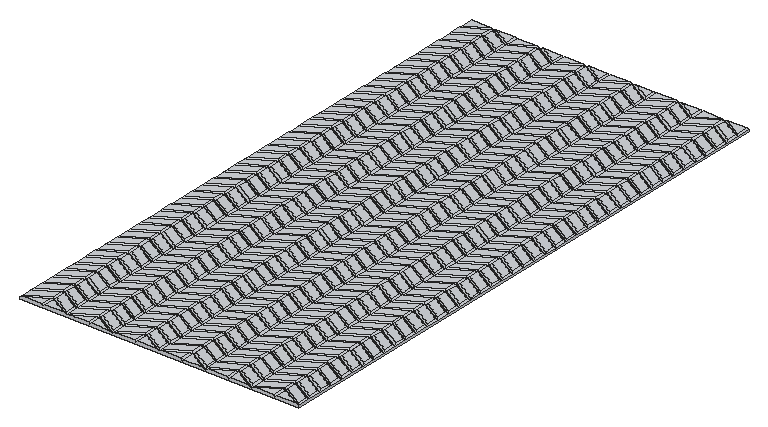
Revit family "J2 PET Felt Engraved Chevron", category Generic Models, host Face, Revit 2022
Family settings
  Host = Face
  Can host rebar = No
  Round Connector Dimension = Use Diameter
  Part Type = Normal
  Cut with Voids When Loaded = No
  Maintain Annotation Orientation = No
  Shared = No
  Room Calculation Point = No
Parameters
  URL = "https://www.j2systems.net/"
  Symbol Name = "FPECHV"  # constant formula
  Style Number = "FPECHV"  # constant formula
  Release Date = "2019"  # constant formula
  Product Line = "Engraved Panels"  # constant formula
  Model = "Chevron"  # constant formula
  Manufacturer = "J2 Systems"  # constant formula
  Felt color = none
  Default Elevation = 0' - 0"
Reference planes (in)
  plane 1 "Center (Front/Back)": y = 0
  plane 2: z = 0
  plane 3 "Center (Left/Right)": x = 0
Forms (in)
  Extrusion 1, solid, material <- "Felt color"
    sketch origin (0, 0, 0) x (1, 0, 0) y (0, 1, 0)
      loop
        line (0, 0) -> (47.0625, 0) -> (47.0625, 95.125) -> (0, 95.125) -> (0, 0)
    from 0 to 0.5
  Sweep 2, void
    path origin (-23.5, 0, 0) x (1, 0, 0) y (0, 1, 0)
      loop
        line (23.5, 0) -> (23.5, 95.125)
    profile origin (0, 47.5625, 0) x (-1, 0, 0) y (0, 0, 1)
      loop
        line (0, 0.25) -> (0, 0.5) -> (-0.25, 0.5) -> (0, 0.25)
  Sweep 3, void
    path origin (23.5625, 0, 0) x (1, 0, 0) y (0, 1, 0)
      loop
        line (23.5, 0) -> (23.5, 95.125)
    profile origin (47.0625, 47.5625, 0) x (-1, 0, 0) y (0, 0, 1)
      loop
        line (0, 0.25) -> (0.25, 0.5) -> (0, 0.5) -> (0, 0.25)
  Sweep 4, void
    path origin (-19.57813, 0, 0) x (1, 0, 0) y (0, 1, 0)
      loop
        line (23.5, 0) -> (23.5, 95.125)
    profile origin (3.92188, 47.5625, 0) x (-1, 0, 0) y (0, 0, 1)
      loop
        line (0, 0.25) -> (0.25, 0.5) -> (-0.25, 0.5) -> (0, 0.25)
  Sweep 5, void
    path origin (-15.65625, 0, 0) x (1, 0, 0) y (0, 1, 0)
      loop
        line (23.5, 0) -> (23.5, 95.125)
    profile origin (7.84375, 47.5625, 0) x (-1, 0, 0) y (0, 0, 1)
      loop
        line (0, 0.25) -> (0.25, 0.5) -> (-0.25, 0.5) -> (0, 0.25)
  Sweep 6, void
    path origin (-11.73438, 0, 0) x (1, 0, 0) y (0, 1, 0)
      loop
        line (23.5, 0) -> (23.5, 95.125)
    profile origin (11.76563, 47.5625, 0) x (-1, 0, 0) y (0, 0, 1)
      loop
        line (0, 0.25) -> (0.25, 0.5) -> (-0.25, 0.5) -> (0, 0.25)
  Sweep 7, void
    path origin (-7.8125, 0, 0) x (1, 0, 0) y (0, 1, 0)
      loop
        line (23.5, 0) -> (23.5, 95.125)
    profile origin (15.6875, 47.5625, 0) x (-1, 0, 0) y (0, 0, 1)
      loop
        line (0, 0.25) -> (0.25, 0.5) -> (-0.25, 0.5) -> (0, 0.25)
  Sweep 8, void
    path origin (-3.89063, 0, 0) x (1, 0, 0) y (0, 1, 0)
      loop
        line (23.5, 0) -> (23.5, 95.125)
    profile origin (19.60938, 47.5625, 0) x (-1, 0, 0) y (0, 0, 1)
      loop
        line (0, 0.25) -> (0.25, 0.5) -> (-0.25, 0.5) -> (0, 0.25)
  Sweep 9, void
    path origin (0.03125, 0, 0) x (1, 0, 0) y (0, 1, 0)
      loop
        line (23.5, 0) -> (23.5, 95.125)
    profile origin (23.53125, 47.5625, 0) x (-1, 0, 0) y (0, 0, 1)
      loop
        line (0, 0.25) -> (0.25, 0.5) -> (-0.25, 0.5) -> (0, 0.25)
  Sweep 10, void
    path origin (3.95312, 0, 0) x (1, 0, 0) y (0, 1, 0)
      loop
        line (23.5, 0) -> (23.5, 95.125)
    profile origin (27.45313, 47.5625, 0) x (-1, 0, 0) y (0, 0, 1)
      loop
        line (0, 0.25) -> (0.25, 0.5) -> (-0.25, 0.5) -> (0, 0.25)
  Sweep 11, void
    path origin (7.875, 0, 0) x (1, 0, 0) y (0, 1, 0)
      loop
        line (23.5, 0) -> (23.5, 95.125)
    profile origin (31.375, 47.5625, 0) x (-1, 0, 0) y (0, 0, 1)
      loop
        line (0, 0.25) -> (0.25, 0.5) -> (-0.25, 0.5) -> (0, 0.25)
  Sweep 12, void
    path origin (11.79687, 0, 0) x (1, 0, 0) y (0, 1, 0)
      loop
        line (23.5, 0) -> (23.5, 95.125)
    profile origin (35.29688, 47.5625, 0) x (-1, 0, 0) y (0, 0, 1)
      loop
        line (0, 0.25) -> (0.25, 0.5) -> (-0.25, 0.5) -> (0, 0.25)
  Sweep 13, void
    path origin (15.71875, 0, 0) x (1, 0, 0) y (0, 1, 0)
      loop
        line (23.5, 0) -> (23.5, 95.125)
    profile origin (39.21875, 47.5625, 0) x (-1, 0, 0) y (0, 0, 1)
      loop
        line (0, 0.25) -> (0.25, 0.5) -> (-0.25, 0.5) -> (0, 0.25)
  Sweep 14, void
    path origin (19.64062, 0, 0) x (1, 0, 0) y (0, 1, 0)
      loop
        line (23.5, 0) -> (23.5, 95.125)
    profile origin (43.14063, 47.5625, 0) x (-1, 0, 0) y (0, 0, 1)
      loop
        line (0, 0.25) -> (0.25, 0.5) -> (-0.25, 0.5) -> (0, 0.25)
  Sweep 15, void
    path origin (-43.64062, 23.5, 0) x (0, -1, 0) y (1, 0, 0)
      loop
        line (23.5, 43.64062) -> (21.23512, 47.5625) -> (23.5, 51.48437) -> (21.23512, 55.40625) -> (23.5, 59.32812) -> (21.23512, 63.25) -> (23.5, 67.17187) -> (21.23512, 71.09375) -> (23.5, 75.01562) -> (21.23512, 78.9375) -> (23.5, 82.85937) -> (21.23512, 86.78125) -> (23.5, 90.70312)
    profile origin (1.96094, 1.13244, 0) x (-0.500097, 0.865969, 0) y (0, 0, 1)
      loop
        line (0, 0.25) -> (0.25, 0.5) -> (-0.25, 0.5) -> (0, 0.25)
  Sweep 16, void
    path origin (-43.64062, 25.76488, 0) x (0, -1, 0) y (1, 0, 0)
      loop
        line (23.5, 43.64062) -> (21.23512, 47.5625) -> (23.5, 51.48437) -> (21.23512, 55.40625) -> (23.5, 59.32812) -> (21.23512, 63.25) -> (23.5, 67.17187) -> (21.23512, 71.09375) -> (23.5, 75.01562) -> (21.23512, 78.9375) -> (23.5, 82.85937) -> (21.23512, 86.78125) -> (23.5, 90.70312)
    profile origin (1.96094, 3.39732, 0) x (-0.500097, 0.865969, 0) y (0, 0, 1)
      loop
        line (0, 0.25) -> (0.25, 0.5) -> (-0.25, 0.5) -> (0, 0.25)
  Sweep 17, void
    path origin (-43.64062, 28.02976, 0) x (0, -1, 0) y (1, 0, 0)
      loop
        line (23.5, 43.64062) -> (21.23512, 47.5625) -> (23.5, 51.48437) -> (21.23512, 55.40625) -> (23.5, 59.32812) -> (21.23512, 63.25) -> (23.5, 67.17187) -> (21.23512, 71.09375) -> (23.5, 75.01562) -> (21.23512, 78.9375) -> (23.5, 82.85937) -> (21.23512, 86.78125) -> (23.5, 90.70312)
    profile origin (1.96094, 5.6622, 0) x (-0.500097, 0.865969, 0) y (0, 0, 1)
      loop
        line (0, 0.25) -> (0.25, 0.5) -> (-0.25, 0.5) -> (0, 0.25)
  Sweep 18, void
    path origin (-43.64062, 30.29464, 0) x (0, -1, 0) y (1, 0, 0)
      loop
        line (23.5, 43.64062) -> (21.23512, 47.5625) -> (23.5, 51.48437) -> (21.23512, 55.40625) -> (23.5, 59.32812) -> (21.23512, 63.25) -> (23.5, 67.17187) -> (21.23512, 71.09375) -> (23.5, 75.01562) -> (21.23512, 78.9375) -> (23.5, 82.85937) -> (21.23512, 86.78125) -> (23.5, 90.70312)
    profile origin (1.96094, 7.92708, 0) x (-0.500097, 0.865969, 0) y (0, 0, 1)
      loop
        line (0, 0.25) -> (0.25, 0.5) -> (-0.25, 0.5) -> (0, 0.25)
  Sweep 19, void
    path origin (-43.64062, 32.55952, 0) x (0, -1, 0) y (1, 0, 0)
      loop
        line (23.5, 43.64062) -> (21.23512, 47.5625) -> (23.5, 51.48437) -> (21.23512, 55.40625) -> (23.5, 59.32812) -> (21.23512, 63.25) -> (23.5, 67.17187) -> (21.23512, 71.09375) -> (23.5, 75.01562) -> (21.23512, 78.9375) -> (23.5, 82.85937) -> (21.23512, 86.78125) -> (23.5, 90.70312)
    profile origin (1.96094, 10.19196, 0) x (-0.500097, 0.865969, 0) y (0, 0, 1)
      loop
        line (0, 0.25) -> (0.25, 0.5) -> (-0.25, 0.5) -> (0, 0.25)
  Sweep 20, void
    path origin (-43.64062, 34.8244, 0) x (0, -1, 0) y (1, 0, 0)
      loop
        line (23.5, 43.64062) -> (21.23512, 47.5625) -> (23.5, 51.48437) -> (21.23512, 55.40625) -> (23.5, 59.32812) -> (21.23512, 63.25) -> (23.5, 67.17187) -> (21.23512, 71.09375) -> (23.5, 75.01562) -> (21.23512, 78.9375) -> (23.5, 82.85937) -> (21.23512, 86.78125) -> (23.5, 90.70312)
    profile origin (1.96094, 12.45685, 0) x (-0.500097, 0.865969, 0) y (0, 0, 1)
      loop
        line (0, 0.25) -> (0.25, 0.5) -> (-0.25, 0.5) -> (0, 0.25)
  Sweep 21, void
    path origin (-43.64062, 37.08929, 0) x (0, -1, 0) y (1, 0, 0)
      loop
        line (23.5, 43.64062) -> (21.23512, 47.5625) -> (23.5, 51.48437) -> (21.23512, 55.40625) -> (23.5, 59.32812) -> (21.23512, 63.25) -> (23.5, 67.17187) -> (21.23512, 71.09375) -> (23.5, 75.01562) -> (21.23512, 78.9375) -> (23.5, 82.85937) -> (21.23512, 86.78125) -> (23.5, 90.70312)
    profile origin (1.96094, 14.72173, 0) x (-0.500097, 0.865969, 0) y (0, 0, 1)
      loop
        line (0, 0.25) -> (0.25, 0.5) -> (-0.25, 0.5) -> (0, 0.25)
  Sweep 22, void
    path origin (-43.64062, 39.35417, 0) x (0, -1, 0) y (1, 0, 0)
      loop
        line (23.5, 43.64062) -> (21.23512, 47.5625) -> (23.5, 51.48437) -> (21.23512, 55.40625) -> (23.5, 59.32812) -> (21.23512, 63.25) -> (23.5, 67.17187) -> (21.23512, 71.09375) -> (23.5, 75.01562) -> (21.23512, 78.9375) -> (23.5, 82.85937) -> (21.23512, 86.78125) -> (23.5, 90.70312)
    profile origin (1.96094, 16.98661, 0) x (-0.500097, 0.865969, 0) y (0, 0, 1)
      loop
        line (0, 0.25) -> (0.25, 0.5) -> (-0.25, 0.5) -> (0, 0.25)
  Sweep 23, void
    path origin (-43.64062, 41.61905, 0) x (0, -1, 0) y (1, 0, 0)
      loop
        line (23.5, 43.64062) -> (21.23512, 47.5625) -> (23.5, 51.48437) -> (21.23512, 55.40625) -> (23.5, 59.32812) -> (21.23512, 63.25) -> (23.5, 67.17187) -> (21.23512, 71.09375) -> (23.5, 75.01562) -> (21.23512, 78.9375) -> (23.5, 82.85937) -> (21.23512, 86.78125) -> (23.5, 90.70312)
    profile origin (1.96094, 19.25149, 0) x (-0.500097, 0.865969, 0) y (0, 0, 1)
      loop
        line (0, 0.25) -> (0.25, 0.5) -> (-0.25, 0.5) -> (0, 0.25)
  Sweep 24, void
    path origin (-43.64062, 43.88393, 0) x (0, -1, 0) y (1, 0, 0)
      loop
        line (23.5, 43.64062) -> (21.23512, 47.5625) -> (23.5, 51.48437) -> (21.23512, 55.40625) -> (23.5, 59.32812) -> (21.23512, 63.25) -> (23.5, 67.17187) -> (21.23512, 71.09375) -> (23.5, 75.01562) -> (21.23512, 78.9375) -> (23.5, 82.85937) -> (21.23512, 86.78125) -> (23.5, 90.70312)
    profile origin (1.96094, 21.51637, 0) x (-0.500097, 0.865969, 0) y (0, 0, 1)
      loop
        line (0, 0.25) -> (0.25, 0.5) -> (-0.25, 0.5) -> (0, 0.25)
  Sweep 25, void
    path origin (-43.64062, 46.14881, 0) x (0, -1, 0) y (1, 0, 0)
      loop
        line (23.5, 43.64062) -> (21.23512, 47.5625) -> (23.5, 51.48437) -> (21.23512, 55.40625) -> (23.5, 59.32812) -> (21.23512, 63.25) -> (23.5, 67.17187) -> (21.23512, 71.09375) -> (23.5, 75.01562) -> (21.23512, 78.9375) -> (23.5, 82.85937) -> (21.23512, 86.78125) -> (23.5, 90.70312)
    profile origin (1.96094, 23.78125, 0) x (-0.500097, 0.865969, 0) y (0, 0, 1)
      loop
        line (0, 0.25) -> (0.25, 0.5) -> (-0.25, 0.5) -> (0, 0.25)
  Sweep 26, void
    path origin (-43.64062, 48.41369, 0) x (0, -1, 0) y (1, 0, 0)
      loop
        line (23.5, 43.64062) -> (21.23512, 47.5625) -> (23.5, 51.48437) -> (21.23512, 55.40625) -> (23.5, 59.32812) -> (21.23512, 63.25) -> (23.5, 67.17187) -> (21.23512, 71.09375) -> (23.5, 75.01562) -> (21.23512, 78.9375) -> (23.5, 82.85937) -> (21.23512, 86.78125) -> (23.5, 90.70312)
    profile origin (1.96094, 26.04613, 0) x (-0.500097, 0.865969, 0) y (0, 0, 1)
      loop
        line (0, 0.25) -> (0.25, 0.5) -> (-0.25, 0.5) -> (0, 0.25)
  Sweep 27, void
    path origin (-43.64062, 50.67857, 0) x (0, -1, 0) y (1, 0, 0)
      loop
        line (23.5, 43.64062) -> (21.23512, 47.5625) -> (23.5, 51.48437) -> (21.23512, 55.40625) -> (23.5, 59.32812) -> (21.23512, 63.25) -> (23.5, 67.17187) -> (21.23512, 71.09375) -> (23.5, 75.01562) -> (21.23512, 78.9375) -> (23.5, 82.85937) -> (21.23512, 86.78125) -> (23.5, 90.70312)
    profile origin (1.96094, 28.31101, 0) x (-0.500097, 0.865969, 0) y (0, 0, 1)
      loop
        line (0, 0.25) -> (0.25, 0.5) -> (-0.25, 0.5) -> (0, 0.25)
  Sweep 28, void
    path origin (-43.64062, 52.94345, 0) x (0, -1, 0) y (1, 0, 0)
      loop
        line (23.5, 43.64062) -> (21.23512, 47.5625) -> (23.5, 51.48437) -> (21.23512, 55.40625) -> (23.5, 59.32812) -> (21.23512, 63.25) -> (23.5, 67.17187) -> (21.23512, 71.09375) -> (23.5, 75.01562) -> (21.23512, 78.9375) -> (23.5, 82.85937) -> (21.23512, 86.78125) -> (23.5, 90.70312)
    profile origin (1.96094, 30.57589, 0) x (-0.500097, 0.865969, 0) y (0, 0, 1)
      loop
        line (0, 0.25) -> (0.25, 0.5) -> (-0.25, 0.5) -> (0, 0.25)
  Sweep 29, void
    path origin (-43.64062, 55.20833, 0) x (0, -1, 0) y (1, 0, 0)
      loop
        line (23.5, 43.64062) -> (21.23512, 47.5625) -> (23.5, 51.48437) -> (21.23512, 55.40625) -> (23.5, 59.32812) -> (21.23512, 63.25) -> (23.5, 67.17187) -> (21.23512, 71.09375) -> (23.5, 75.01562) -> (21.23512, 78.9375) -> (23.5, 82.85937) -> (21.23512, 86.78125) -> (23.5, 90.70312)
    profile origin (1.96094, 32.84077, 0) x (-0.500097, 0.865969, 0) y (0, 0, 1)
      loop
        line (0, 0.25) -> (0.25, 0.5) -> (-0.25, 0.5) -> (0, 0.25)
  Sweep 30, void
    path origin (-43.64062, 57.47321, 0) x (0, -1, 0) y (1, 0, 0)
      loop
        line (23.5, 43.64062) -> (21.23512, 47.5625) -> (23.5, 51.48437) -> (21.23512, 55.40625) -> (23.5, 59.32812) -> (21.23512, 63.25) -> (23.5, 67.17187) -> (21.23512, 71.09375) -> (23.5, 75.01562) -> (21.23512, 78.9375) -> (23.5, 82.85937) -> (21.23512, 86.78125) -> (23.5, 90.70312)
    profile origin (1.96094, 35.10565, 0) x (-0.500097, 0.865969, 0) y (0, 0, 1)
      loop
        line (0, 0.25) -> (0.25, 0.5) -> (-0.25, 0.5) -> (0, 0.25)
  Sweep 31, void
    path origin (-43.64062, 59.7381, 0) x (0, -1, 0) y (1, 0, 0)
      loop
        line (23.5, 43.64062) -> (21.23512, 47.5625) -> (23.5, 51.48437) -> (21.23512, 55.40625) -> (23.5, 59.32812) -> (21.23512, 63.25) -> (23.5, 67.17187) -> (21.23512, 71.09375) -> (23.5, 75.01562) -> (21.23512, 78.9375) -> (23.5, 82.85937) -> (21.23512, 86.78125) -> (23.5, 90.70312)
    profile origin (1.96094, 37.37054, 0) x (-0.500097, 0.865969, 0) y (0, 0, 1)
      loop
        line (0, 0.25) -> (0.25, 0.5) -> (-0.25, 0.5) -> (0, 0.25)
  Sweep 32, void
    path origin (-43.64062, 62.00298, 0) x (0, -1, 0) y (1, 0, 0)
      loop
        line (23.5, 43.64062) -> (21.23512, 47.5625) -> (23.5, 51.48437) -> (21.23512, 55.40625) -> (23.5, 59.32812) -> (21.23512, 63.25) -> (23.5, 67.17187) -> (21.23512, 71.09375) -> (23.5, 75.01562) -> (21.23512, 78.9375) -> (23.5, 82.85937) -> (21.23512, 86.78125) -> (23.5, 90.70312)
    profile origin (1.96094, 39.63542, 0) x (-0.500097, 0.865969, 0) y (0, 0, 1)
      loop
        line (0, 0.25) -> (0.25, 0.5) -> (-0.25, 0.5) -> (0, 0.25)
  Sweep 33, void
    path origin (-43.64062, 64.26786, 0) x (0, -1, 0) y (1, 0, 0)
      loop
        line (23.5, 43.64062) -> (21.23512, 47.5625) -> (23.5, 51.48437) -> (21.23512, 55.40625) -> (23.5, 59.32812) -> (21.23512, 63.25) -> (23.5, 67.17187) -> (21.23512, 71.09375) -> (23.5, 75.01562) -> (21.23512, 78.9375) -> (23.5, 82.85937) -> (21.23512, 86.78125) -> (23.5, 90.70312)
    profile origin (1.96094, 41.9003, 0) x (-0.500097, 0.865969, 0) y (0, 0, 1)
      loop
        line (0, 0.25) -> (0.25, 0.5) -> (-0.25, 0.5) -> (0, 0.25)
  Sweep 34, void
    path origin (-43.64062, 66.53274, 0) x (0, -1, 0) y (1, 0, 0)
      loop
        line (23.5, 43.64062) -> (21.23512, 47.5625) -> (23.5, 51.48437) -> (21.23512, 55.40625) -> (23.5, 59.32812) -> (21.23512, 63.25) -> (23.5, 67.17187) -> (21.23512, 71.09375) -> (23.5, 75.01562) -> (21.23512, 78.9375) -> (23.5, 82.85937) -> (21.23512, 86.78125) -> (23.5, 90.70312)
    profile origin (1.96094, 44.16518, 0) x (-0.500097, 0.865969, 0) y (0, 0, 1)
      loop
        line (0, 0.25) -> (0.25, 0.5) -> (-0.25, 0.5) -> (0, 0.25)
  Sweep 35, void
    path origin (-43.64062, 68.79762, 0) x (0, -1, 0) y (1, 0, 0)
      loop
        line (23.5, 43.64062) -> (21.23512, 47.5625) -> (23.5, 51.48437) -> (21.23512, 55.40625) -> (23.5, 59.32812) -> (21.23512, 63.25) -> (23.5, 67.17187) -> (21.23512, 71.09375) -> (23.5, 75.01562) -> (21.23512, 78.9375) -> (23.5, 82.85937) -> (21.23512, 86.78125) -> (23.5, 90.70312)
    profile origin (1.96094, 46.43006, 0) x (-0.500097, 0.865969, 0) y (0, 0, 1)
      loop
        line (0, 0.25) -> (0.25, 0.5) -> (-0.25, 0.5) -> (0, 0.25)
  Sweep 36, void
    path origin (-43.64062, 71.0625, 0) x (0, -1, 0) y (1, 0, 0)
      loop
        line (23.5, 43.64062) -> (21.23512, 47.5625) -> (23.5, 51.48437) -> (21.23512, 55.40625) -> (23.5, 59.32812) -> (21.23512, 63.25) -> (23.5, 67.17187) -> (21.23512, 71.09375) -> (23.5, 75.01562) -> (21.23512, 78.9375) -> (23.5, 82.85937) -> (21.23512, 86.78125) -> (23.5, 90.70312)
    profile origin (1.96094, 48.69494, 0) x (-0.500097, 0.865969, 0) y (0, 0, 1)
      loop
        line (0, 0.25) -> (0.25, 0.5) -> (-0.25, 0.5) -> (0, 0.25)
  Sweep 37, void
    path origin (-43.64062, 73.32738, 0) x (0, -1, 0) y (1, 0, 0)
      loop
        line (23.5, 43.64062) -> (21.23512, 47.5625) -> (23.5, 51.48437) -> (21.23512, 55.40625) -> (23.5, 59.32812) -> (21.23512, 63.25) -> (23.5, 67.17187) -> (21.23512, 71.09375) -> (23.5, 75.01562) -> (21.23512, 78.9375) -> (23.5, 82.85937) -> (21.23512, 86.78125) -> (23.5, 90.70312)
    profile origin (1.96094, 50.95982, 0) x (-0.500097, 0.865969, 0) y (0, 0, 1)
      loop
        line (0, 0.25) -> (0.25, 0.5) -> (-0.25, 0.5) -> (0, 0.25)
  Sweep 38, void
    path origin (-43.64062, 75.59226, 0) x (0, -1, 0) y (1, 0, 0)
      loop
        line (23.5, 43.64062) -> (21.23512, 47.5625) -> (23.5, 51.48437) -> (21.23512, 55.40625) -> (23.5, 59.32812) -> (21.23512, 63.25) -> (23.5, 67.17187) -> (21.23512, 71.09375) -> (23.5, 75.01562) -> (21.23512, 78.9375) -> (23.5, 82.85937) -> (21.23512, 86.78125) -> (23.5, 90.70312)
    profile origin (1.96094, 53.2247, 0) x (-0.500097, 0.865969, 0) y (0, 0, 1)
      loop
        line (0, 0.25) -> (0.25, 0.5) -> (-0.25, 0.5) -> (0, 0.25)
  Sweep 39, void
    path origin (-43.64062, 77.85714, 0) x (0, -1, 0) y (1, 0, 0)
      loop
        line (23.5, 43.64062) -> (21.23512, 47.5625) -> (23.5, 51.48437) -> (21.23512, 55.40625) -> (23.5, 59.32812) -> (21.23512, 63.25) -> (23.5, 67.17187) -> (21.23512, 71.09375) -> (23.5, 75.01562) -> (21.23512, 78.9375) -> (23.5, 82.85937) -> (21.23512, 86.78125) -> (23.5, 90.70312)
    profile origin (1.96094, 55.48958, 0) x (-0.500097, 0.865969, 0) y (0, 0, 1)
      loop
        line (0, 0.25) -> (0.25, 0.5) -> (-0.25, 0.5) -> (0, 0.25)
  Sweep 40, void
    path origin (-43.64062, 80.12202, 0) x (0, -1, 0) y (1, 0, 0)
      loop
        line (23.5, 43.64062) -> (21.23512, 47.5625) -> (23.5, 51.48437) -> (21.23512, 55.40625) -> (23.5, 59.32812) -> (21.23512, 63.25) -> (23.5, 67.17187) -> (21.23512, 71.09375) -> (23.5, 75.01562) -> (21.23512, 78.9375) -> (23.5, 82.85937) -> (21.23512, 86.78125) -> (23.5, 90.70312)
    profile origin (1.96094, 57.75446, 0) x (-0.500097, 0.865969, 0) y (0, 0, 1)
      loop
        line (0, 0.25) -> (0.25, 0.5) -> (-0.25, 0.5) -> (0, 0.25)
  Sweep 41, void
    path origin (-43.64062, 82.3869, 0) x (0, -1, 0) y (1, 0, 0)
      loop
        line (23.5, 43.64062) -> (21.23512, 47.5625) -> (23.5, 51.48437) -> (21.23512, 55.40625) -> (23.5, 59.32812) -> (21.23512, 63.25) -> (23.5, 67.17187) -> (21.23512, 71.09375) -> (23.5, 75.01562) -> (21.23512, 78.9375) -> (23.5, 82.85937) -> (21.23512, 86.78125) -> (23.5, 90.70312)
    profile origin (1.96094, 60.01935, 0) x (-0.500097, 0.865969, 0) y (0, 0, 1)
      loop
        line (0, 0.25) -> (0.25, 0.5) -> (-0.25, 0.5) -> (0, 0.25)
  Sweep 42, void
    path origin (-43.64062, 84.65179, 0) x (0, -1, 0) y (1, 0, 0)
      loop
        line (23.5, 43.64062) -> (21.23512, 47.5625) -> (23.5, 51.48437) -> (21.23512, 55.40625) -> (23.5, 59.32812) -> (21.23512, 63.25) -> (23.5, 67.17187) -> (21.23512, 71.09375) -> (23.5, 75.01562) -> (21.23512, 78.9375) -> (23.5, 82.85937) -> (21.23512, 86.78125) -> (23.5, 90.70312)
    profile origin (1.96094, 62.28423, 0) x (-0.500097, 0.865969, 0) y (0, 0, 1)
      loop
        line (0, 0.25) -> (0.25, 0.5) -> (-0.25, 0.5) -> (0, 0.25)
  Sweep 43, void
    path origin (-43.64062, 86.91667, 0) x (0, -1, 0) y (1, 0, 0)
      loop
        line (23.5, 43.64062) -> (21.23512, 47.5625) -> (23.5, 51.48437) -> (21.23512, 55.40625) -> (23.5, 59.32812) -> (21.23512, 63.25) -> (23.5, 67.17187) -> (21.23512, 71.09375) -> (23.5, 75.01562) -> (21.23512, 78.9375) -> (23.5, 82.85937) -> (21.23512, 86.78125) -> (23.5, 90.70312)
    profile origin (1.96094, 64.54911, 0) x (-0.500097, 0.865969, 0) y (0, 0, 1)
      loop
        line (0, 0.25) -> (0.25, 0.5) -> (-0.25, 0.5) -> (0, 0.25)
  Sweep 44, void
    path origin (-43.64062, 89.18155, 0) x (0, -1, 0) y (1, 0, 0)
      loop
        line (23.5, 43.64062) -> (21.23512, 47.5625) -> (23.5, 51.48437) -> (21.23512, 55.40625) -> (23.5, 59.32812) -> (21.23512, 63.25) -> (23.5, 67.17187) -> (21.23512, 71.09375) -> (23.5, 75.01562) -> (21.23512, 78.9375) -> (23.5, 82.85937) -> (21.23512, 86.78125) -> (23.5, 90.70312)
    profile origin (1.96094, 66.81399, 0) x (-0.500097, 0.865969, 0) y (0, 0, 1)
      loop
        line (0, 0.25) -> (0.25, 0.5) -> (-0.25, 0.5) -> (0, 0.25)
  Sweep 45, void
    path origin (-43.64062, 91.44643, 0) x (0, -1, 0) y (1, 0, 0)
      loop
        line (23.5, 43.64062) -> (21.23512, 47.5625) -> (23.5, 51.48437) -> (21.23512, 55.40625) -> (23.5, 59.32812) -> (21.23512, 63.25) -> (23.5, 67.17187) -> (21.23512, 71.09375) -> (23.5, 75.01562) -> (21.23512, 78.9375) -> (23.5, 82.85937) -> (21.23512, 86.78125) -> (23.5, 90.70312)
    profile origin (1.96094, 69.07887, 0) x (-0.500097, 0.865969, 0) y (0, 0, 1)
      loop
        line (0, 0.25) -> (0.25, 0.5) -> (-0.25, 0.5) -> (0, 0.25)
  Sweep 46, void
    path origin (-43.64062, 93.71131, 0) x (0, -1, 0) y (1, 0, 0)
      loop
        line (23.5, 43.64062) -> (21.23512, 47.5625) -> (23.5, 51.48437) -> (21.23512, 55.40625) -> (23.5, 59.32812) -> (21.23512, 63.25) -> (23.5, 67.17187) -> (21.23512, 71.09375) -> (23.5, 75.01562) -> (21.23512, 78.9375) -> (23.5, 82.85937) -> (21.23512, 86.78125) -> (23.5, 90.70312)
    profile origin (1.96094, 71.34375, 0) x (-0.500097, 0.865969, 0) y (0, 0, 1)
      loop
        line (0, 0.25) -> (0.25, 0.5) -> (-0.25, 0.5) -> (0, 0.25)
  Sweep 47, void
    path origin (-43.64062, 95.97619, 0) x (0, -1, 0) y (1, 0, 0)
      loop
        line (23.5, 43.64062) -> (21.23512, 47.5625) -> (23.5, 51.48437) -> (21.23512, 55.40625) -> (23.5, 59.32812) -> (21.23512, 63.25) -> (23.5, 67.17187) -> (21.23512, 71.09375) -> (23.5, 75.01562) -> (21.23512, 78.9375) -> (23.5, 82.85937) -> (21.23512, 86.78125) -> (23.5, 90.70312)
    profile origin (1.96094, 73.60863, 0) x (-0.500097, 0.865969, 0) y (0, 0, 1)
      loop
        line (0, 0.25) -> (0.25, 0.5) -> (-0.25, 0.5) -> (0, 0.25)
  Sweep 48, void
    path origin (-43.64062, 98.24107, 0) x (0, -1, 0) y (1, 0, 0)
      loop
        line (23.5, 43.64062) -> (21.23512, 47.5625) -> (23.5, 51.48437) -> (21.23512, 55.40625) -> (23.5, 59.32812) -> (21.23512, 63.25) -> (23.5, 67.17187) -> (21.23512, 71.09375) -> (23.5, 75.01562) -> (21.23512, 78.9375) -> (23.5, 82.85937) -> (21.23512, 86.78125) -> (23.5, 90.70312)
    profile origin (1.96094, 75.87351, 0) x (-0.500097, 0.865969, 0) y (0, 0, 1)
      loop
        line (0, 0.25) -> (0.25, 0.5) -> (-0.25, 0.5) -> (0, 0.25)
  Sweep 49, void
    path origin (-43.64062, 100.50595, 0) x (0, -1, 0) y (1, 0, 0)
      loop
        line (23.5, 43.64062) -> (21.23512, 47.5625) -> (23.5, 51.48437) -> (21.23512, 55.40625) -> (23.5, 59.32812) -> (21.23512, 63.25) -> (23.5, 67.17187) -> (21.23512, 71.09375) -> (23.5, 75.01562) -> (21.23512, 78.9375) -> (23.5, 82.85937) -> (21.23512, 86.78125) -> (23.5, 90.70312)
    profile origin (1.96094, 78.13839, 0) x (-0.500097, 0.865969, 0) y (0, 0, 1)
      loop
        line (0, 0.25) -> (0.25, 0.5) -> (-0.25, 0.5) -> (0, 0.25)
  Sweep 50, void
    path origin (-43.64062, 102.77083, 0) x (0, -1, 0) y (1, 0, 0)
      loop
        line (23.5, 43.64062) -> (21.23512, 47.5625) -> (23.5, 51.48437) -> (21.23512, 55.40625) -> (23.5, 59.32812) -> (21.23512, 63.25) -> (23.5, 67.17187) -> (21.23512, 71.09375) -> (23.5, 75.01562) -> (21.23512, 78.9375) -> (23.5, 82.85937) -> (21.23512, 86.78125) -> (23.5, 90.70312)
    profile origin (1.96094, 80.40327, 0) x (-0.500097, 0.865969, 0) y (0, 0, 1)
      loop
        line (0, 0.25) -> (0.25, 0.5) -> (-0.25, 0.5) -> (0, 0.25)
  Sweep 51, void
    path origin (-43.64062, 105.03571, 0) x (0, -1, 0) y (1, 0, 0)
      loop
        line (23.5, 43.64062) -> (21.23512, 47.5625) -> (23.5, 51.48437) -> (21.23512, 55.40625) -> (23.5, 59.32812) -> (21.23512, 63.25) -> (23.5, 67.17187) -> (21.23512, 71.09375) -> (23.5, 75.01562) -> (21.23512, 78.9375) -> (23.5, 82.85937) -> (21.23512, 86.78125) -> (23.5, 90.70312)
    profile origin (1.96094, 82.66815, 0) x (-0.500097, 0.865969, 0) y (0, 0, 1)
      loop
        line (0, 0.25) -> (0.25, 0.5) -> (-0.25, 0.5) -> (0, 0.25)
  Sweep 52, void
    path origin (-43.64062, 107.3006, 0) x (0, -1, 0) y (1, 0, 0)
      loop
        line (23.5, 43.64062) -> (21.23512, 47.5625) -> (23.5, 51.48437) -> (21.23512, 55.40625) -> (23.5, 59.32812) -> (21.23512, 63.25) -> (23.5, 67.17187) -> (21.23512, 71.09375) -> (23.5, 75.01562) -> (21.23512, 78.9375) -> (23.5, 82.85937) -> (21.23512, 86.78125) -> (23.5, 90.70312)
    profile origin (1.96094, 84.93304, 0) x (-0.500097, 0.865969, 0) y (0, 0, 1)
      loop
        line (0, 0.25) -> (0.25, 0.5) -> (-0.25, 0.5) -> (0, 0.25)
  Sweep 53, void
    path origin (-43.64062, 109.56548, 0) x (0, -1, 0) y (1, 0, 0)
      loop
        line (23.5, 43.64062) -> (21.23512, 47.5625) -> (23.5, 51.48437) -> (21.23512, 55.40625) -> (23.5, 59.32812) -> (21.23512, 63.25) -> (23.5, 67.17187) -> (21.23512, 71.09375) -> (23.5, 75.01562) -> (21.23512, 78.9375) -> (23.5, 82.85937) -> (21.23512, 86.78125) -> (23.5, 90.70312)
    profile origin (1.96094, 87.19792, 0) x (-0.500097, 0.865969, 0) y (0, 0, 1)
      loop
        line (0, 0.25) -> (0.25, 0.5) -> (-0.25, 0.5) -> (0, 0.25)
  Sweep 54, void
    path origin (-43.64062, 111.83036, 0) x (0, -1, 0) y (1, 0, 0)
      loop
        line (23.5, 43.64062) -> (21.23512, 47.5625) -> (23.5, 51.48437) -> (21.23512, 55.40625) -> (23.5, 59.32812) -> (21.23512, 63.25) -> (23.5, 67.17187) -> (21.23512, 71.09375) -> (23.5, 75.01562) -> (21.23512, 78.9375) -> (23.5, 82.85937) -> (21.23512, 86.78125) -> (23.5, 90.70312)
    profile origin (1.96094, 89.4628, 0) x (-0.500097, 0.865969, 0) y (0, 0, 1)
      loop
        line (0, 0.25) -> (0.25, 0.5) -> (-0.25, 0.5) -> (0, 0.25)
  Sweep 55, void
    path origin (-43.64062, 114.09524, 0) x (0, -1, 0) y (1, 0, 0)
      loop
        line (23.5, 43.64062) -> (21.23512, 47.5625) -> (23.5, 51.48437) -> (21.23512, 55.40625) -> (23.5, 59.32812) -> (21.23512, 63.25) -> (23.5, 67.17187) -> (21.23512, 71.09375) -> (23.5, 75.01562) -> (21.23512, 78.9375) -> (23.5, 82.85937) -> (21.23512, 86.78125) -> (23.5, 90.70312)
    profile origin (1.96094, 91.72768, 0) x (-0.500097, 0.865969, 0) y (0, 0, 1)
      loop
        line (0, 0.25) -> (0.25, 0.5) -> (-0.25, 0.5) -> (0, 0.25)
  Sweep 56, void
    path origin (-43.64062, 116.36012, 0) x (0, -1, 0) y (1, 0, 0)
      loop
        line (23.5, 43.64062) -> (21.23512, 47.5625) -> (23.5, 51.48437) -> (21.23512, 55.40625) -> (23.5, 59.32812) -> (21.23512, 63.25) -> (23.5, 67.17187) -> (21.23512, 71.09375) -> (23.5, 75.01562) -> (21.23512, 78.9375) -> (23.5, 82.85937) -> (21.23512, 86.78125) -> (23.5, 90.70312)
    profile origin (1.96094, 93.99256, 0) x (-0.500097, 0.865969, 0) y (0, 0, 1)
      loop
        line (0, 0.25) -> (0.25, 0.5) -> (-0.25, 0.5) -> (0, 0.25)
Cuts and joins
  Sweep 2, Sweep 3, Sweep 4, Sweep 5, Sweep 6, Sweep 7, Sweep 8, Sweep 9, Sweep 10, Sweep 11, Sweep 12, Sweep 13, Sweep 14, Sweep 15, Sweep 16, Sweep 17, Sweep 18, Sweep 19, Sweep 20, Sweep 21, Sweep 22, Sweep 23, Sweep 24, Sweep 25, Sweep 26, Sweep 27, Sweep 28, Sweep 29, Sweep 30, Sweep 31, Sweep 32, Sweep 33, Sweep 34, Sweep 35, Sweep 36, Sweep 37, Sweep 38, Sweep 39, Sweep 40, Sweep 41, Sweep 42, Sweep 43, Sweep 44, Sweep 45, Sweep 46, Sweep 47, Sweep 48, Sweep 49, Sweep 50, Sweep 51, Sweep 52, Sweep 53, Sweep 54, Sweep 55, Sweep 56 cuts Extrusion 1
Dimensions and locks (in)
  aligned and locked: host face to plane 2
  aligned and locked: level to host face
